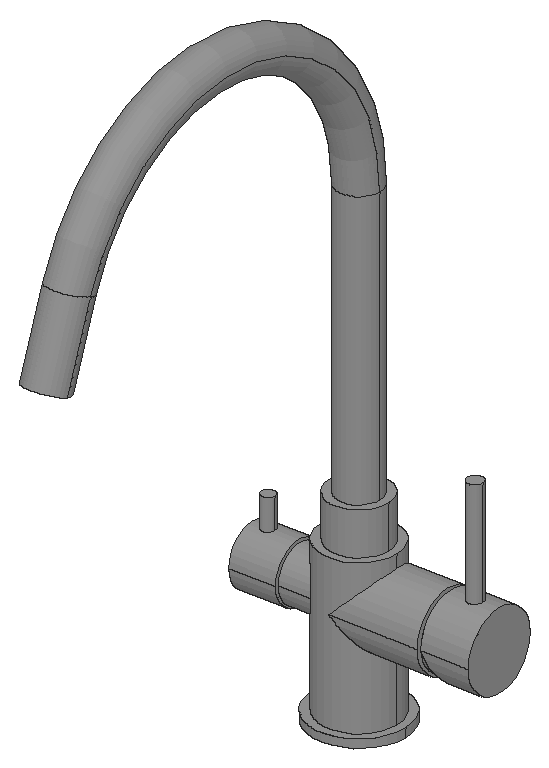
Revit family "Alma-KMFILT15-Fleta 3 Way Filter Water Tap-Stainless Steel", category Plumbing Fixtures, Revit 2022
Family settings
  Round Connector Dimension = Use Diameter
  Part Type = Normal
  OmniClass Number = 23.45.00.00
  OmniClass Title = Sanitary, Laundry, and Cleaning Equipment
  Work Plane-Based = No
  Always vertical = Yes
  Cut with Voids When Loaded = No
  Maintain Annotation Orientation = No
  Shared = No
  Room Calculation Point = No
Parameters (values of type "Fleta Stainless Steel")
  URL = "https://www.buildmat.com.au/products/fleta-brushed-stainless-steel-3-way-filter-water-tap"
  Tap Material = Alma Stainless Steel
  Model = "KMFILT15"  # constant formula
  Manufacturer = "BUILDMAT"  # constant formula
  Description = "Fleta 3 Way Filter Water Tap"  # constant formula
  Default Elevation = 0 mm
  Created = "22.12.2023"  # constant formula
  Brand = "Alma"  # constant formula
Reference planes
  plane 1 "Center (Front/Back)": y = 0
  plane 2 "Bottom": z = 0
  plane 3 "Center (Left/Right)": x = 0
  plane 4: y = -230
  plane 5 "Top": z = 405
  plane 6: z = 95
  plane 7: z = 275
  plane 8: z = 42.5
  plane 9: z = 150
  plane 10: x = 82.5
  plane 11: z = 120
  plane 12: x = -62.5
  plane 13: z = 100
Forms (mm)
  Extrusion 1, solid, material "Alma Stainless Steel" <- "Tap Material"
    sketch origin (0, 0, 0) x (1, 0, 0) y (0, 1, 0)
      loop
        circle (0, 0) r 27.5
    from 0 to 5
  Extrusion 2, solid, material "Alma Stainless Steel" <- "Tap Material"
    sketch origin (0, 0, 0) x (1, 0, 0) y (0, 1, 0)
      loop
        circle (0, 0) r 22.5
    from 5 to 95
  Sweep 3, solid, material "Alma Stainless Steel" <- "Tap Material"
    path origin (0, 0, 0) x (0, 1, 0) y (0, 0, 1)
      loop
        line (0, 120) -> (0, 282.5)
        arc (0, 282.5) -> (-90.677, 390.789) -> (-213.211, 320.545) r 110
        line (-213.211, 320.545) -> (-230, 275)
    profile origin (0, 0, 201.25) x (0, -1, 0) y (1, 0, 0)
      loop
        circle (0, 0) r 12.5
  Extrusion 4, solid, material "Alma Stainless Steel" <- "Tap Material"
    sketch origin (0, 0, -17.5) x (0, 1, 0) y (0, 0, 1)
      loop
        circle (0, 82.5) r 22.5
    from 0 to 52.5
  Extrusion 5, solid, material "Alma Stainless Steel" <- "Tap Material"
    sketch origin (0, 0, -17.5) x (0, 1, 0) y (0, 0, 1)
      loop
        circle (0, 82.5) r 20.5
    from 52.5 to 82.5
  Extrusion 6, solid, material "Alma Stainless Steel" <- "Tap Material"
    sketch origin (0, 0, -17.5) x (0, 1, 0) y (0, 0, 1)
      loop
        circle (0, 82.5) r 22.5
    from 54.5 to 82.5
  Extrusion 7, void
    sketch origin (0, 0, -17.5) x (1, 0, 0) y (0, 0, 1)
      loop
        line (54.5, 60) -> (64.5, 60) -> (54.5, 82.5) -> (54.5, 60)
    from -22.5 to 22.5
  Extrusion 8, solid, material "Alma Stainless Steel" <- "Tap Material"
    sketch origin (0, 0, 0) x (1, 0, 0) y (0, 1, 0)
      loop
        circle (68.5, 0) r 4.5
    from 65 to 150
  Extrusion 9, solid, material "Alma Stainless Steel" <- "Tap Material"
    sketch origin (0, 0, 0) x (1, 0, 0) y (0, 1, 0)
      loop
        circle (0, 0) r 17.5
    from 95 to 120
  Extrusion 10, solid, material "Alma Stainless Steel" <- "Tap Material"
    sketch origin (0, 0, 0) x (0, 1, 0) y (0, 0, 1)
      loop
        circle (0, 65) r 16
    from 0 to -35
  Extrusion 11, solid, material "Alma Stainless Steel" <- "Tap Material"
    sketch origin (0, 0, 0) x (0, 1, 0) y (0, 0, 1)
      loop
        circle (0, 65) r 17.5
    from -35 to -62.5
  Extrusion 12, solid, material "Alma Stainless Steel" <- "Tap Material"
    sketch origin (-120, 0, 0) x (1, 0, 0) y (0, 1, 0)
      loop
        circle (66.5, 0) r 4
    from 65 to 100
Cuts and joins
  Extrusion 7 cuts Extrusion 6
  joined: Extrusion 1, Extrusion 2, Sweep 3, Extrusion 4, Extrusion 5, Extrusion 6, Extrusion 8, Extrusion 9, Extrusion 10, Extrusion 11, Extrusion 12
Lines and regions (mm)
  symbolic lines, style "Axis"
    curve 1: line (0, 0, 0) -> (0, 0, 282.5)
    curve 2: line (0, 0, 0) -> (0, 0, 435)
    curve 3: arc (0, -213.211, 320.545) -> (0, -90.677, 390.789) -> (0, 0, 282.5) r 110
    curve 4: line (0, -213.211, 320.545) -> (0, -230, 275)
Text (mm)
  text "Refer to www.buildmat.com.au for the most current product literature. \nAllow a +/- 5mm tolerance for dimensions shown in the product literature. \nPlease note product details are subject to change due to ongoing product development." at (0.056, -1035.857, 0), in view "Ref. Level"
Dimensions and locks
  plane 4 to plane 1 "Center (Front/Back)" = 230 mm
  plane 5 "Top" to plane 2 "Bottom" = 405 mm
  plane 11 to plane 6 to plane 2 "Bottom" = 25 mm, 95 mm
  plane 7 to plane 2 "Bottom" = 275 mm
  plane 9 to plane 8 to plane 2 "Bottom" = 107.5 mm, 42.5 mm
  plane 12 to plane 10 = 145 mm
  plane 13 to plane 8 = 57.5 mm
  aligned and locked: level to plane 2 "Bottom"
  aligned and locked: plane 6 to cut or joined group of Extrusion 1, Extrusion 2, Sweep 3, Extrusion 4, Extrusion 5, Extrusion 6, Extrusion 7, Extrusion 8, Extrusion 9, Extrusion 10, Extrusion 11, Extrusion 12
  aligned and locked: plane 11 to Sweep 3 sketch curve
  aligned and locked: plane 13 to Extrusion 12
